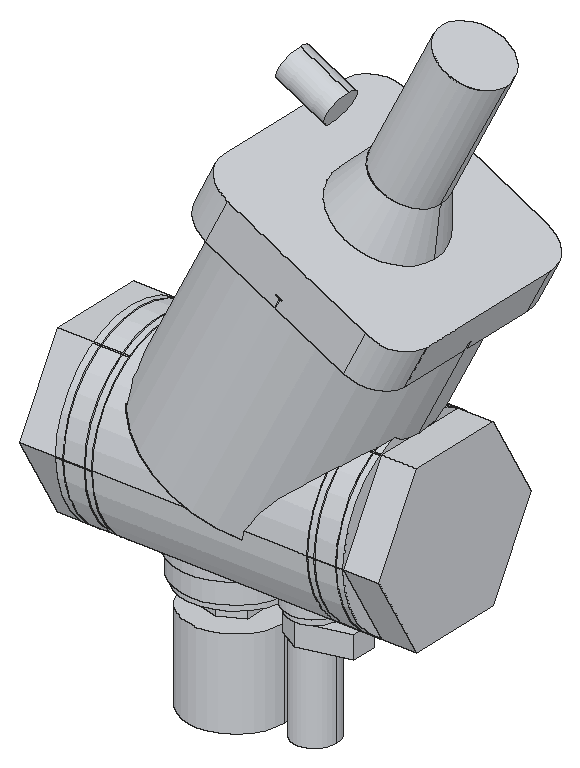
Revit family "PV_Compact_DN025L_ 5-30_FF_měř_RFA_2018", category Pipe Accessories, Revit 2018
Family settings
  Round Connector Dimension = Use Diameter
  Part Type = Valve - Breaks Into
  Work Plane-Based = No
  Always vertical = Yes
  Cut with Voids When Loaded = No
  Shared = No
Parameters (values of type "PV Compact DN25L FF s měřením (  5-30kPa)")
  magiProductId = "5f34f6c18cbb44599cc4b76a533b7b"
  magiProductFamilyId = "17221e4467384e4990f0bd3f9c07cb"
  magiPartTypeId = 304
  isMeasuringValve [instance] = no
  ang2D [instance] = 0.00°
  Z7 = 15 mm
  Z6 = 40.2 mm
  Z5 = 93.8 mm
  Z4 = 80.4 mm
  Z3 = 13.4 mm
  Z2 = 67 mm
  XR3 = 42.5 mm
  XR2 = 37.5 mm
  XR1 = 25.5 mm
  W2D = 15 mm
  VersionID = "2.0/2018.12.13.2/FRESE_PV_COMPACT_PLUG_Q13_001"
  Use Minimum Symbol Size [instance] = no
  URL = "www.hydronix.cz"
  Type Comments = "závitový s vnitřním závitem; dvěma měřicími vsuvkami; PN25; dpmax=450kPa; -10~+120°C;"
  R5 = 5 mm
  R4 = 15 mm
  R3 = 10 mm
  R2 = 26.5 mm
  R1 = 31.5 mm
  QmdConnectorList = "301;D;302;D"
  Productdata [instance] = ""
  PH__ve = -PH  # -17.6 mm
  PH = 17.6 mm
  NL__ve = -NL  # -20 mm
  NL = 20 mm
  Manufacturer = "Hydronix"
  MC Use Limits From Balancing Method = no
  MC Throttling Minimum Value = 0
  MC Throttling Maximum Value = 0
  MC Product Code = "53-3210 DN25L; FF; nastavitelný rozsah dp=5~30kPa; Q=600~2500l/h;  kvs=8,7"
  MC Pressure Drop Minimum Value = 0.0 Pa
  MC Pressure Drop Maximum Value = 0.0 Pa
  MC Piping Given Pressure Drop [instance] = 0.0 Pa
  M5 = 40 mm
  M4 = 38 mm
  M3 = 32 mm
  M2 = 30 mm
  LP = 50 mm
  LM = 60 mm
  LL__ve = -LL  # -6.3 mm
  LLT__ve = -LLT  # -19.1 mm
  LLT = 19.1 mm
  LL2 = 38 mm
  LL = 6.3 mm
  L3 = 11 mm
  L2D_Min = 30.48 mm
  L2D = 65 mm
  Description = "Nastavitelný regulátor tlakové diference"
  DR1 = no
  DR0 = yes
  DL2 = 66 mm
  D = 25 mm
  CenSd_R2_6 = R2 * cos(30.00°)  # 22.95 mm
  CAT0 = yes
  C0D1 = no
  C0D0 = yes
Types (10, lengths in mm): name | magiProductId | Z6 | Z5 | Z4 | Z3 | Z2 | XR3 | XR2 | XR1 | R2 | R1 | PH__ve | PH | NL__ve | NL | MC Product Code | M5 | M4 | M3 | M2 | LP | LM | LL__ve | LLT__ve | LLT | LL2 | LL | L3 | D | CenSd_R2_6
  PV Compact DN15 FF s měřením ( 20-60kPa) | "92c6061b2d364c498536f200ceae3f" | 24.6 | 57.4 | 49.2 | 8.2 | 41 | 30 | 25 | 13 | 14 | 19 | -22.4 | 22.4 | -15 | 15 | "53-3205 DN15; FF; nastavitelný rozsah dp=20~60kPa; Q=100~1000l/h;  kvs=2,9" | 32.5 | 30.5 | 24.5 | 22.5 | 37.5 | 45 | -5.7 | -14.9 | 14.9 | 32 | 5.7 | 11 | 15 | 12.124
  PV Compact DN15 FF s měřením (  5-30kPa) | "f361d342a5c3496a8b127ae77303d4" | 24.6 | 57.4 | 49.2 | 8.2 | 41 | 30 | 25 | 13 | 14 | 19 | -22.4 | 22.4 | -15 | 15 | "53-3204 DN15; FF; nastavitelný rozsah dp=5~30kPa; Q=50~600l/h;  kvs=2,9" | 32.5 | 30.5 | 24.5 | 22.5 | 37.5 | 45 | -5.7 | -14.9 | 14.9 | 32 | 5.7 | 11 | 15 | 12.124
  PV Compact DN20 FF s měřením ( 20-60kPa) | "9f7cac6a20a942348ba3edadb25c10" | 24.6 | 57.4 | 49.2 | 8.2 | 41 | 30 | 25 | 13 | 14 | 19 | -22.4 | 22.4 | -15.8 | 15.8 | "53-3207 DN20; FF; nastavitelný rozsah dp=20~60kPa; Q=150~2000l/h;  kvs=3,5" | 33.7 | 31.7 | 25.7 | 23.7 | 39.5 | 47.4 | -5.7 | -14.9 | 14.9 | 32 | 5.7 | 11 | 20 | 12.124
  PV Compact DN20 FF s měřením (  5-30kPa) | "db23a1b537c14a0d8d3ef5b88ba9f3" | 24.6 | 57.4 | 49.2 | 8.2 | 41 | 30 | 25 | 13 | 14 | 19 | -22.4 | 22.4 | -15.8 | 15.8 | "53-3206 DN20; FF; nastavitelný rozsah dp=5~30kPa; Q=100~1000l/h;  kvs=3,5" | 33.7 | 31.7 | 25.7 | 23.7 | 39.5 | 47.4 | -5.7 | -14.9 | 14.9 | 32 | 5.7 | 11 | 20 | 12.124
  PV Compact DN25 FF s měřením (  5-30kPa) | "df9f1d59aa4a4bbbaec25e168ba07d" | 25.5 | 59.5 | 51 | 8.5 | 42.5 | 30 | 25 | 13 | 14 | 19 | -20.8 | 20.8 | -16.6 | 16.6 | "53-3208 DN25; FF; nastavitelný rozsah dp=5~30kPa; Q=600~2100l/h;  kvs=4,0" | 34.9 | 32.9 | 26.9 | 24.9 | 41.5 | 49.8 | -5.9 | -16.3 | 16.3 | 34 | 5.9 | 11 | 25 | 12.124
  PV Compact DN25L FF s měřením ( 20-80kPa) | "87b7cca8bace4074a54840dfb5d8dc" | 40.2 | 93.8 | 80.4 | 13.4 | 67 | 42.5 | 37.5 | 25.5 | 26.5 | 31.5 | -17.6 | 17.6 | -20 | 20 | "53-3211 DN25L; FF; nastavitelný rozsah dp=20~80kPa; Q=750~4200l/h;  kvs=8,7" | 40 | 38 | 32 | 30 | 50 | 60 | -6.3 | -19.1 | 19.1 | 38 | 6.3 | 11 | 25 | 22.95
  PV Compact DN25L FF s měřením (  5-30kPa) | "5f34f6c18cbb44599cc4b76a533b7b" | 40.2 | 93.8 | 80.4 | 13.4 | 67 | 42.5 | 37.5 | 25.5 | 26.5 | 31.5 | -17.6 | 17.6 | -20 | 20 | "53-3210 DN25L; FF; nastavitelný rozsah dp=5~30kPa; Q=600~2500l/h;  kvs=8,7" | 40 | 38 | 32 | 30 | 50 | 60 | -6.3 | -19.1 | 19.1 | 38 | 6.3 | 11 | 25 | 22.95
  PV Compact DN32 FF s měřením ( 20-80kPa) | "4a8a1c2c3ced401aa76adec660b182" | 40.2 | 93.8 | 80.4 | 13.4 | 67 | 42.5 | 37.5 | 25.5 | 26.5 | 31.5 | -13.6 | 13.6 | -20.8 | 20.8 | "53-3214 DN32; FF; nastavitelný rozsah dp=20~80kPa; Q=1000~5000l/h;  kvs=10,1" | 41.2 | 39.2 | 33.2 | 31.2 | 52 | 62.4 | -6.8 | -22.6 | 22.6 | 43 | 6.8 | 25 | 32 | 22.95
  PV Compact DN40 FF s měřením ( 20-80kPa) | "8dd334465d8f48dd802c3dab6bec5b" | 46.8 | 109.2 | 93.6 | 15.6 | 78 | 42.5 | 37.5 | 25.5 | 26.5 | 31.5 | -11.2 | 11.2 | -27.6 | 27.6 | "53-3216 DN40; FF; nastavitelný rozsah dp=20~80kPa; Q=3000~8000l/h;  kvs=15,8" | 51.4 | 49.4 | 43.4 | 41.4 | 69 | 82.8 | -7.1 | -24.7 | 24.7 | 46 | 7.1 | 25 | 40 | 22.95
  PV Compact DN50 FF s měřením ( 20-80kPa) | "de24153ded7e41748f92358b184bd6" | 46.8 | 109.2 | 93.6 | 15.6 | 78 | 42.5 | 37.5 | 25.5 | 35.25 | 31.5 | -6.4 | 6.4 | -27.6 | 27.6 | "53-3218 DN50; FF; nastavitelný rozsah dp=20~80kPa; Q=5000~11500l/h;  kvs=16,2" | 51.4 | 49.4 | 43.4 | 41.4 | 69 | 82.8 | -7.7 | -28.9 | 28.9 | 52 | 7.7 | 25 | 50 | 30.527
Reference planes
  plane 1 "Center (Front/Back)": y = 0
  plane 2 "XYPLANE": z = 0
  plane 3 "Center (Left/Right)": x = 0
  plane 4 "408": x = 50
  plane 5 "407": x = -50
  plane 6 "402": z = -66
  plane 7 "213": x = 11
  plane 8 "168": z = -15.1
  plane 9 "167": z = -17.1
  plane 10 "166": z = -23.4
  plane 11 "165": z = -29.7
  plane 12 "164": z = -31.7
  plane 13 "154": z = 0
  plane 14 "152": y = 0
  plane 15 "151": z = -38
  plane 16 "150": x = -11
  plane 17 "75": through (307.08, 0, 685.28) normal (0.891, 0, -0.454)
  plane 18 "74": x = 40
  plane 19 "73": x = 38
  plane 20 "72": x = 32
  plane 21 "71": x = 30
  plane 22 "70": x = -40
  plane 23 "69": x = -38
  plane 24 "68": x = -32
  plane 25 "67": y = 0
  plane 26 "66": through (-666.893, 0, 343.166) normal (0.454, 0, 0.891)
  plane 27 "65": x = -30
  plane 28 "64": through (335.147, 0, 670.979) normal (0.891, 0, -0.454)
  plane 29 "63": through (-637.838, 0, 400.19) normal (0.454, 0, 0.891)
  plane 30 "62": through (363.214, 0, 656.678) normal (0.891, 0, -0.454)
  plane 31 "61": y = 31.5
  plane 32 "60": y = -31.5
  plane 33 "59": through (-631.754, 0, 412.13) normal (0.454, 0, 0.891)
  plane 34 "58": through (-625.671, 0, 424.069) normal (0.454, 0, 0.891)
  plane 35 "57": through (302.625, 0, 687.549) normal (0.891, 0, -0.454)
  plane 36 "56": x = 0
  plane 37 "55": through (-668.255, 0, 340.493) normal (0.454, 0, 0.891)
  plane 38 "102XY": through (-668.255, 0, 340.493) normal (0.454, 0, 0.891)
  plane 39 "102XZ": y = 0
  plane 40 "102YZ": through (340.493, 0, 668.255) normal (0.891, 0, -0.454)
Forms (mm)
  Extrusion 1, solid
    sketch origin (50, -750, 0) x (0, 1, 0) y (0, 0, 1)
      loop
        line (776.5, 0) -> (763.25, 22.95) -> (736.75, 22.95) -> (723.5, 0) -> (736.75, -22.95) -> (763.25, -22.95) -> (776.5, 0)
    from 0 to -20 <- "NL__ve"
  Extrusion 2, solid
    sketch origin (-50, -750, 0) x (0, 1, 0) y (0, 0, 1)
      loop
        line (723.5, 0) -> (736.75, -22.95) -> (763.25, -22.95) -> (776.5, 0) -> (763.25, 22.95) -> (736.75, 22.95) -> (723.5, 0)
    from 0 to 20 <- "NL"
  Extrusion 3, solid, visible <- "C0D1"
    sketch origin (-750, 0, -66) x (1, 0, 0) y (0, 1, 0)
      loop
        circle (761, 0) r 10
    from 0 to 50
  Extrusion 4, solid, visible <- "DR1"
    sketch origin (-750, 0, -23.4) x (1, 0, 0) y (0, 1, 0)
      loop
        line (761, -24.5) -> (778.892, -6) -> (778.892, 6) -> (761, 24.5) -> (750.608, 6) -> (750.608, -6) -> (761, -24.5)
    from 0 to -17.6 <- "PH__ve"
  Extrusion 5, solid, visible <- "DR1"
    sketch origin (-750, 0, -23.4) x (1, 0, 0) y (0, 1, 0)
      loop
        circle (761, 0) r 10
    from 0 to 6.3 <- "LL"
  Blend 6, solid, visible <- "DR1"
    base sketch origin (-750, 0, -15.1) x (1, 0, 0) y (0, 1, 0)
      loop
        circle (761, 0) r 7.5
    top sketch origin (-750, 0, -15.1) x (1, 0, 0) y (0, 1, 0)
      loop
        circle (761, 0) r 10
    from 0 to -2
  Extrusion 7, solid, visible <- "DR1"
    sketch origin (-750, 0, 0) x (1, 0, 0) y (0, 1, 0)
      loop
        circle (761, 0) r 7.5
    from 0 to -19.1 <- "LLT__ve"
  Extrusion 8, solid, visible <- "C0D0"
    sketch origin (-750, 0, -38) x (1, 0, 0) y (0, 1, 0)
      loop
        circle (761, 0) r 6
    from 0 to -25
  Extrusion 9, solid, visible <- "DR0"
    sketch origin (-750, 0, -31.7) x (1, 0, 0) y (0, 1, 0)
      loop
        line (761, -7) -> (774.562, -3.5) -> (774.562, 3.5) -> (761, 7) -> (754.938, 3.5) -> (754.938, -3.5) -> (761, -7)
    from 0 to -6.3 <- "LL__ve"
  Extrusion 10, solid, visible <- "DR0"
    sketch origin (-750, 0, -31.7) x (1, 0, 0) y (0, 1, 0)
      loop
        circle (761, 0) r 7
    from 0 to 2
  Extrusion 11, solid, visible <- "DR0"
    sketch origin (-750, 0, -23.4) x (1, 0, 0) y (0, 1, 0)
      loop
        circle (761, 0) r 9
    from 0 to 6.3 <- "LL"
  Blend 12, solid, visible <- "DR0"
    base sketch origin (-750, 0, -15.1) x (1, 0, 0) y (0, 1, 0)
      loop
        circle (761, 0) r 6.5
    top sketch origin (-750, 0, -15.1) x (1, 0, 0) y (0, 1, 0)
      loop
        circle (761, 0) r 9
    from 0 to -2
  Extrusion 13, solid, visible <- "DR0"
    sketch origin (-750, 0, 0) x (1, 0, 0) y (0, 1, 0)
      loop
        circle (761, 0) r 6.5
    from 0 to -19.1 <- "LLT__ve"
  Extrusion 14, solid, visible <- "DR0"
    sketch origin (-750, 0, 0) x (1, 0, 0) y (0, 1, 0)
      loop
        circle (761, 0) r 6.5
    from 0 to -19.1 <- "LLT__ve"
  Blend 15, solid, visible <- "DR0"
    base sketch origin (-750, 0, -15.1) x (1, 0, 0) y (0, 1, 0)
      loop
        circle (761, 0) r 6.5
    top sketch origin (-750, 0, -15.1) x (1, 0, 0) y (0, 1, 0)
      loop
        circle (761, 0) r 9
    from 0 to -2
  Extrusion 16, solid, visible <- "DR0"
    sketch origin (-750, 0, -23.4) x (1, 0, 0) y (0, 1, 0)
      loop
        circle (761, 0) r 9
    from 0 to 6.3 <- "LL"
  Extrusion 17, solid, visible <- "DR0"
    sketch origin (-750, 0, -29.7) x (1, 0, 0) y (0, 1, 0)
      loop
        circle (761, 0) r 8
    from 0 to 6.3 <- "LL"
  Extrusion 18, solid, visible <- "DR0"
    sketch origin (-750, 0, -31.7) x (1, 0, 0) y (0, 1, 0)
      loop
        circle (761, 0) r 7
    from 0 to 2
  Extrusion 19, solid, visible <- "DR0"
    sketch origin (-750, 0, -31.7) x (1, 0, 0) y (0, 1, 0)
      loop
        line (761, -7) -> (774.562, -3.5) -> (774.562, 3.5) -> (761, 7) -> (754.938, 3.5) -> (754.938, -3.5) -> (761, -7)
    from 0 to -6.3 <- "LL__ve"
  Extrusion 20, solid, visible <- "C0D0"
    sketch origin (-750, 0, -38) x (1, 0, 0) y (0, 1, 0)
      loop
        circle (761, 0) r 6
    from 0 to -25
  Extrusion 21, solid, visible <- "CAT0"
    sketch origin (-750, 0, -38) x (1, 0, 0) y (0, 1, 0)
      loop
        circle (739, 0) r 13.5
    from 0 to -25
  Extrusion 22, solid
    sketch origin (-750, 0, -31.7) x (1, 0, 0) y (0, 1, 0)
      loop
        line (739, -7) -> (745.062, -3.5) -> (745.062, 3.5) -> (739, 7) -> (725.438, 3.5) -> (725.438, -3.5) -> (739, -7)
    from 0 to -6.3 <- "LL__ve"
  Extrusion 23, solid
    sketch origin (-750, 0, -31.7) x (1, 0, 0) y (0, 1, 0)
      loop
        circle (739, 0) r 14.5
    from 0 to 2
  Extrusion 24, solid
    sketch origin (-750, 0, -29.7) x (1, 0, 0) y (0, 1, 0)
      loop
        circle (739, 0) r 15.5
    from 0 to 6.3 <- "LL"
  Extrusion 25, solid
    sketch origin (-750, 0, -23.4) x (1, 0, 0) y (0, 1, 0)
      loop
        circle (739, 0) r 16.5
    from 0 to 6.3 <- "LL"
  Blend 26, solid
    base sketch origin (-750, 0, -15.1) x (1, 0, 0) y (0, 1, 0)
      loop
        circle (739, 0) r 14
    top sketch origin (-750, 0, -15.1) x (1, 0, 0) y (0, 1, 0)
      loop
        circle (739, 0) r 16.5
    from 0 to -2
  Extrusion 27, solid
    sketch origin (-750, 0, 0) x (1, 0, 0) y (0, 1, 0)
      loop
        circle (739, 0) r 14
    from 0 to -19.1 <- "LLT__ve"
  Blend 28, solid, visible <- "CAT0"
    base sketch origin (38, -750, 0) x (0, 1, 0) y (0, 0, 1)
      loop
        circle (750, 0) r 26.5
    top sketch origin (38, -750, 0) x (0, 1, 0) y (0, 0, 1)
      loop
        circle (750, 0) r 26.5
    from 0 to 2
  Extrusion 29, solid, visible <- "CAT0"
    sketch origin (32, -750, 0) x (0, 1, 0) y (0, 0, 1)
      loop
        circle (750, 0) r 26.5
    from 0 to 6
  Blend 30, solid, visible <- "CAT0"
    base sketch origin (30, -750, 0) x (0, 1, 0) y (0, 0, 1)
      loop
        circle (750, 0) r 26.5
    top sketch origin (30, -750, 0) x (0, 1, 0) y (0, 0, 1)
      loop
        circle (750, 0) r 26.5
    from 0 to 2
  Blend 31, solid, visible <- "CAT0"
    base sketch origin (-38, -750, 0) x (0, 1, 0) y (0, 0, 1)
      loop
        circle (750, 0) r 26.5
    top sketch origin (-38, -750, 0) x (0, 1, 0) y (0, 0, 1)
      loop
        circle (750, 0) r 26.5
    from 0 to -2
  Extrusion 32, solid, visible <- "CAT0"
    sketch origin (-38, -750, 0) x (0, 1, 0) y (0, 0, 1)
      loop
        circle (750, 0) r 26.5
    from 0 to 6
  Blend 33, solid, visible <- "CAT0"
    base sketch origin (-32, -750, 0) x (0, 1, 0) y (0, 0, 1)
      loop
        circle (750, 0) r 26.5
    top sketch origin (-32, -750, 0) x (0, 1, 0) y (0, 0, 1)
      loop
        circle (750, 0) r 26.5
    from 0 to 2
  Extrusion 34, solid, visible <- "CAT0"
    sketch origin (-30, -750, 0) x (0, 1, 0) y (0, 0, 1)
      loop
        circle (750, 0) r 26.5
    from 0 to 60 <- "LM"
  Extrusion 35, solid, visible <- "CAT0"
    sketch origin (-666.893, 0, 343.166) x (0.891007, 0, -0.45399) y (0, 1, 0)
      loop
        circle (744, 0) r 31.5
    from 0 to 67 <- "Z2"
  Extrusion 36, solid, visible <- "CAT0"
    sketch origin (-637.838, 0, 400.19) x (0.891007, 0, -0.45399) y (0, 1, 0)
      loop
        arc (722.5, 31.5) -> (715.429, 28.571) -> (712.5, 21.5) r 10
        line (712.5, 21.5) -> (712.5, -21.5)
        arc (712.5, -21.5) -> (715.429, -28.571) -> (722.5, -31.5) r 10
        line (722.5, -31.5) -> (765.5, -31.5)
        arc (765.5, -31.5) -> (772.571, -28.571) -> (775.5, -21.5) r 10
        line (775.5, -21.5) -> (775.5, 21.5)
        arc (775.5, 21.5) -> (772.571, 28.571) -> (765.5, 31.5) r 10
        line (765.5, 31.5) -> (722.5, 31.5)
    from 0 to 13.4 <- "Z3"
  Blend 37, solid, visible <- "CAT0"
    base sketch origin (-631.754, 0, 412.13) x (0.891007, 0, -0.45399) y (0, 1, 0)
      loop
        circle (744, 0) r 15
    top sketch origin (-631.754, 0, 412.13) x (0.891007, 0, -0.45399) y (0, 1, 0)
      loop
        circle (744, 0) r 10
    from 0 to 13.4
  Extrusion 38, solid, visible <- "CAT0"
    sketch origin (-625.671, 0, 424.069) x (0.891007, 0, -0.45399) y (0, 1, 0)
      loop
        circle (744, 0) r 10
    from 0 to 40.2 <- "Z6"
  Extrusion 39, solid, visible <- "CAT0"
    sketch origin (302.625, 0, 687.549) x (-0.45399, 0, -0.891007) y (0, 1, 0)
      loop
        circle (656.2, 0) r 5
    from 0 to 15 <- "Z7"
  Blend 40, solid, visible <- "CAT0"
    base sketch origin (-668.255, 0, 340.493) x (0.891007, 0, -0.45399) y (0, 1, 0)
      loop
        circle (744, 0) r 27.5
    top sketch origin (-668.255, 0, 340.493) x (0.891007, 0, -0.45399) y (0, 1, 0)
      loop
        circle (744, 0) r 31.5
    from 0 to 3
  Extrusion 41, solid, not visible
    sketch origin (-40, -750, 0) x (0, 1, 0) y (0, 0, 1)
      loop
        circle (750, 0) r 22.5
    from 0 to 10
  Extrusion 42, solid, not visible
    sketch origin (40, -750, 0) x (0, 1, 0) y (0, 0, 1)
      loop
        circle (750, 0) r 22.5
    from 0 to -10
Lines and regions (mm)
  reference lines, not visible
    curve 1: circle (2, 2, 0) r 1 normal (0, 0, 1)
  reference lines
    curve 2: line (50, 0, 0) -> (50, -3.5, 6.062)
    curve 3: line (50, 0, 0) -> (50, -7, 0)
    curve 4: line (50, 0, 0) -> (50, -3.5, -6.062)
    curve 5: line (-50, 0, 0) -> (-50, 3.5, 6.062)
    curve 6: line (-50, 0, 0) -> (-50, 7, 0)
    curve 7: line (-50, 0, 0) -> (-50, 3.5, -6.062)
Dimensions and locks
  plane 1 "Center (Front/Back)" to curve 1 = 2 mm
  "LP": plane 36 "56" to plane 4 "408"
  "LP": plane 36 "56" to plane 5 "407"
  "DL2": plane 2 "XYPLANE" to plane 6 "402"
  "L3": plane 3 "Center (Left/Right)" to plane 7 "213"
  locked: plane 9 "167" to plane 8 "168" at 2
  "LL": plane 10 "166" to plane 9 "167"
  "LL": plane 11 "165" to plane 10 "166"
  locked: plane 12 "164" to plane 11 "165" at 2
  "LL": plane 15 "151" to plane 12 "164"
  locked: plane 2 "XYPLANE" to plane 13 "154"
  locked: plane 1 "Center (Front/Back)" to plane 14 "152"
  "LL2": plane 2 "XYPLANE" to plane 15 "151"
  "L3": plane 3 "Center (Left/Right)" to plane 16 "150"
  "XR2": plane 40 "102YZ" to plane 17 "75"
  "M5": plane 3 "Center (Left/Right)" to plane 18 "74"
  "M4": plane 3 "Center (Left/Right)" to plane 19 "73"
  "M3": plane 3 "Center (Left/Right)" to plane 20 "72"
  "M2": plane 3 "Center (Left/Right)" to plane 21 "71"
  "M5": plane 3 "Center (Left/Right)" to plane 22 "70"
  "M4": plane 3 "Center (Left/Right)" to plane 23 "69"
  "M3": plane 3 "Center (Left/Right)" to plane 24 "68"
  locked: plane 14 "152" to plane 25 "67"
  locked: plane 38 "102XY" to plane 26 "66" at 3
  "M2": plane 3 "Center (Left/Right)" to plane 27 "65"
  locked: plane 40 "102YZ" to plane 28 "64" at 6
  "Z2": plane 38 "102XY" to plane 29 "63"
  "XR1": plane 40 "102YZ" to plane 30 "62"
  "R1": plane 14 "152" to plane 31 "61"
  "R1": plane 14 "152" to plane 32 "60"
  "Z4": plane 38 "102XY" to plane 33 "59"
  "Z5": plane 38 "102XY" to plane 34 "58"
  "XR3": plane 40 "102YZ" to plane 35 "57"
  locked: plane 3 "Center (Left/Right)" to plane 36 "56"
  locked: plane 38 "102XY" to plane 37 "55"
  "CenSd_R2_6": curve 2 to Extrusion 1 sketch curve  (x2)
  "CenSd_R2_6": curve 3 to Extrusion 1 sketch curve  (x2)
  "CenSd_R2_6": curve 4 to Extrusion 1 sketch curve  (x2)
  Extrusion 1 sketch curve to Extrusion 1 sketch curve = 0 mm  (x12)
  "CenSd_R2_6": curve 5 to Extrusion 2 sketch curve  (x2)
  "CenSd_R2_6": curve 6 to Extrusion 2 sketch curve  (x2)
  "CenSd_R2_6": curve 7 to Extrusion 2 sketch curve  (x2)
  Extrusion 2 sketch curve to Extrusion 2 sketch curve = 0 mm  (x12)
  Extrusion 4 sketch curve to Extrusion 4 sketch curve = 0 mm  (x12)
  Extrusion 9 sketch curve to Extrusion 9 sketch curve = 0 mm  (x12)
  Extrusion 19 sketch curve to Extrusion 19 sketch curve = 0 mm  (x12)
  Extrusion 22 sketch curve to Extrusion 22 sketch curve = 0 mm  (x12)
  Extrusion 36 sketch curve to Extrusion 36 sketch curve = 0 mm  (x16)
  "R2": radius of Blend 28 sketch curve  (x2)
  "R2": radius of Extrusion 29 sketch curve
  "R2": radius of Blend 30 sketch curve  (x2)
  "R2": radius of Blend 31 sketch curve  (x2)
  "R2": radius of Extrusion 32 sketch curve
  "R2": radius of Blend 33 sketch curve  (x2)
  "R2": radius of Extrusion 34 sketch curve
  "R1": radius of Extrusion 35 sketch curve
  radius of Extrusion 36 sketch curve = 10 mm  (x4)
  "R3": radius of Blend 37 sketch curve
  "R4": radius of Blend 37 sketch curve
  "R3": radius of Extrusion 38 sketch curve
  "R5": radius of Extrusion 39 sketch curve
  "R1": radius of Blend 40 sketch curve
  locked: curve 3 to curve 2 (angle 60.00°)
  locked: curve 4 to curve 3 (angle 60.00°)
  locked: curve 4 to curve 2 (angle 120.00°)
  locked: curve 6 to curve 5 (angle 60.00°)
  locked: curve 7 to curve 6 (angle 60.00°)
  locked: curve 7 to curve 5 (angle 120.00°)
  aligned and locked: level to plane 2 "XYPLANE"
  aligned and locked: plane 13 "154" to curve 4
  aligned and locked: curve 4 to plane 14 "152"
  aligned and locked: plane 13 "154" to curve 7
  aligned and locked: curve 7 to plane 14 "152"
  aligned and locked: plane 7 "213" to Extrusion 3 sketch curve
  aligned and locked: plane 14 "152" to Extrusion 3 sketch curve
  aligned and locked: plane 7 "213" to Extrusion 5 sketch curve
  aligned and locked: plane 14 "152" to Extrusion 5 sketch curve
  aligned and locked: plane 7 "213" to Blend 6 sketch curve  (x2)
  aligned and locked: plane 14 "152" to Blend 6 sketch curve  (x2)
  aligned and locked: Blend 6 to plane 9 "167"
  aligned and locked: plane 7 "213" to Extrusion 7 sketch curve
  aligned and locked: plane 14 "152" to Extrusion 7 sketch curve
  aligned and locked: plane 7 "213" to Extrusion 8 sketch curve
  aligned and locked: plane 14 "152" to Extrusion 8 sketch curve
  aligned and locked: plane 7 "213" to Extrusion 10 sketch curve
  aligned and locked: plane 14 "152" to Extrusion 10 sketch curve
  aligned and locked: plane 7 "213" to Extrusion 11 sketch curve
  aligned and locked: plane 14 "152" to Extrusion 11 sketch curve
  aligned and locked: plane 7 "213" to Blend 12 sketch curve  (x2)
  aligned and locked: plane 14 "152" to Blend 12 sketch curve  (x2)
  aligned and locked: Blend 12 to plane 9 "167"
  aligned and locked: plane 7 "213" to Extrusion 13 sketch curve
  aligned and locked: plane 14 "152" to Extrusion 13 sketch curve
  aligned and locked: plane 7 "213" to Extrusion 14 sketch curve
  aligned and locked: plane 14 "152" to Extrusion 14 sketch curve
  aligned and locked: plane 7 "213" to Blend 15 sketch curve  (x2)
  aligned and locked: plane 14 "152" to Blend 15 sketch curve  (x2)
  aligned and locked: Blend 15 to plane 9 "167"
  aligned and locked: plane 7 "213" to Extrusion 16 sketch curve
  aligned and locked: plane 14 "152" to Extrusion 16 sketch curve
  aligned and locked: plane 7 "213" to Extrusion 17 sketch curve
  aligned and locked: plane 14 "152" to Extrusion 17 sketch curve
  aligned and locked: plane 7 "213" to Extrusion 18 sketch curve
  aligned and locked: plane 14 "152" to Extrusion 18 sketch curve
  aligned and locked: plane 7 "213" to Extrusion 20 sketch curve
  aligned and locked: plane 14 "152" to Extrusion 20 sketch curve
  aligned and locked: plane 14 "152" to Extrusion 21 sketch curve
  aligned and locked: plane 16 "150" to Extrusion 21 sketch curve
  aligned and locked: plane 14 "152" to Extrusion 23 sketch curve
  aligned and locked: plane 16 "150" to Extrusion 23 sketch curve
  aligned and locked: plane 14 "152" to Extrusion 24 sketch curve
  aligned and locked: plane 16 "150" to Extrusion 24 sketch curve
  aligned and locked: plane 14 "152" to Extrusion 25 sketch curve
  aligned and locked: plane 16 "150" to Extrusion 25 sketch curve
  aligned and locked: plane 14 "152" to Blend 26 sketch curve  (x2)
  aligned and locked: plane 16 "150" to Blend 26 sketch curve  (x2)
  aligned and locked: Blend 26 to plane 9 "167"
  aligned and locked: plane 14 "152" to Extrusion 27 sketch curve
  aligned and locked: plane 16 "150" to Extrusion 27 sketch curve
  aligned and locked: plane 13 "154" to Blend 28 sketch curve  (x2)
  aligned and locked: Blend 28 sketch curve to plane 14 "152"  (x2)
  aligned and locked: plane 18 "74" to Blend 28
  aligned and locked: plane 13 "154" to Extrusion 29 sketch curve
  aligned and locked: Extrusion 29 sketch curve to plane 14 "152"
  aligned and locked: plane 13 "154" to Blend 30 sketch curve  (x2)
  aligned and locked: Blend 30 sketch curve to plane 14 "152"  (x2)
  aligned and locked: plane 20 "72" to Blend 30
  aligned and locked: plane 13 "154" to Blend 31 sketch curve  (x2)
  aligned and locked: Blend 31 sketch curve to plane 14 "152"  (x2)
  aligned and locked: Blend 31 to plane 22 "70"
  aligned and locked: plane 13 "154" to Extrusion 32 sketch curve
  aligned and locked: Extrusion 32 sketch curve to plane 14 "152"
  aligned and locked: plane 13 "154" to Blend 33 sketch curve  (x2)
  aligned and locked: Blend 33 sketch curve to plane 14 "152"  (x2)
  aligned and locked: plane 27 "65" to Blend 33
  aligned and locked: plane 13 "154" to Extrusion 34 sketch curve
  aligned and locked: Extrusion 34 sketch curve to plane 14 "152"
  aligned and locked: plane 25 "67" to Extrusion 35 sketch curve
  aligned and locked: Extrusion 35 sketch curve to plane 28 "64"
  aligned and locked: Extrusion 36 sketch curve to plane 17 "75"
  aligned and locked: Extrusion 36 sketch curve to plane 32 "60"
  aligned and locked: Extrusion 36 sketch curve to plane 30 "62"
  aligned and locked: plane 31 "61" to Extrusion 36 sketch curve
  aligned and locked: plane 25 "67" to Blend 37 sketch curve  (x2)
  aligned and locked: Blend 37 sketch curve to plane 28 "64"  (x2)
  aligned and locked: plane 34 "58" to Blend 37
  aligned and locked: plane 25 "67" to Extrusion 38 sketch curve
  aligned and locked: Extrusion 38 sketch curve to plane 28 "64"
  aligned and locked: plane 25 "67" to Extrusion 39 sketch curve
  aligned and locked: plane 34 "58" to Extrusion 39 sketch curve
  aligned and locked: plane 25 "67" to Blend 40 sketch curve  (x2)
  aligned and locked: Blend 40 sketch curve to plane 28 "64"  (x2)
  aligned and locked: plane 26 "66" to Blend 40
  aligned and locked: plane 13 "154" to Extrusion 41 sketch curve
  aligned and locked: Extrusion 41 sketch curve to plane 14 "152"
  aligned and locked: plane 13 "154" to Extrusion 42 sketch curve
  aligned and locked: Extrusion 42 sketch curve to plane 14 "152"
Automatic sketch dimensions
  plane 3 "Center (Left/Right)" to Extrusion 3 sketch curve = 1 mm
  Extrusion 4 sketch curve to plane 7 "213" = 0 mm  (x2)
  plane 3 "Center (Left/Right)" to Extrusion 4 sketch curve = 0.608 mm
  Extrusion 4 sketch curve to plane 21 "71" = 1.108 mm
  plane 32 "60" to Extrusion 4 sketch curve = 7 mm
  plane 1 "Center (Front/Back)" to Extrusion 4 sketch curve = 6 mm  (x2)
  Extrusion 4 sketch curve to plane 1 "Center (Front/Back)" = 6 mm  (x2)
  Extrusion 4 sketch curve to plane 31 "61" = 7 mm
  plane 3 "Center (Left/Right)" to Extrusion 5 sketch curve = 1 mm
  plane 3 "Center (Left/Right)" to Blend 6 sketch curve = 3.5 mm
  plane 3 "Center (Left/Right)" to Blend 6 sketch curve = 1 mm
  plane 3 "Center (Left/Right)" to Extrusion 7 sketch curve = 3.5 mm
  plane 3 "Center (Left/Right)" to Extrusion 8 sketch curve = 5 mm
  Extrusion 9 sketch curve to plane 7 "213" = 0 mm  (x2)
  plane 3 "Center (Left/Right)" to Extrusion 9 sketch curve = 4.938 mm
  Extrusion 9 sketch curve to plane 21 "71" = 5.438 mm
  plane 1 "Center (Front/Back)" to Extrusion 9 sketch curve = 7 mm
  plane 1 "Center (Front/Back)" to Extrusion 9 sketch curve = 3.5 mm  (x2)
  Extrusion 9 sketch curve to plane 1 "Center (Front/Back)" = 3.5 mm  (x2)
  Extrusion 9 sketch curve to Extrusion 9 sketch curve = 3.5 mm
  plane 3 "Center (Left/Right)" to Extrusion 10 sketch curve = 4 mm
  plane 3 "Center (Left/Right)" to Extrusion 11 sketch curve = 2 mm
  plane 3 "Center (Left/Right)" to Blend 12 sketch curve = 4.5 mm
  plane 3 "Center (Left/Right)" to Blend 12 sketch curve = 2 mm
  plane 3 "Center (Left/Right)" to Extrusion 13 sketch curve = 4.5 mm
  plane 3 "Center (Left/Right)" to Extrusion 14 sketch curve = 4.5 mm
  plane 3 "Center (Left/Right)" to Blend 15 sketch curve = 4.5 mm
  plane 3 "Center (Left/Right)" to Blend 15 sketch curve = 2 mm
  plane 3 "Center (Left/Right)" to Extrusion 16 sketch curve = 2 mm
  plane 3 "Center (Left/Right)" to Extrusion 17 sketch curve = 3 mm
  plane 3 "Center (Left/Right)" to Extrusion 18 sketch curve = 4 mm
  Extrusion 19 sketch curve to plane 7 "213" = 0 mm  (x2)
  plane 3 "Center (Left/Right)" to Extrusion 19 sketch curve = 4.938 mm
  Extrusion 19 sketch curve to plane 21 "71" = 5.438 mm
  plane 1 "Center (Front/Back)" to Extrusion 19 sketch curve = 7 mm
  plane 1 "Center (Front/Back)" to Extrusion 19 sketch curve = 3.5 mm  (x2)
  Extrusion 19 sketch curve to plane 1 "Center (Front/Back)" = 3.5 mm  (x2)
  Extrusion 19 sketch curve to Extrusion 19 sketch curve = 3.5 mm
  plane 3 "Center (Left/Right)" to Extrusion 20 sketch curve = 5 mm
  plane 27 "65" to Extrusion 21 sketch curve = 5.5 mm
  Extrusion 22 sketch curve to plane 16 "150" = 0 mm  (x2)
  plane 27 "65" to Extrusion 22 sketch curve = 5.438 mm
  Extrusion 22 sketch curve to plane 3 "Center (Left/Right)" = 4.938 mm
  plane 1 "Center (Front/Back)" to Extrusion 22 sketch curve = 7 mm
  plane 1 "Center (Front/Back)" to Extrusion 22 sketch curve = 3.5 mm  (x2)
  Extrusion 22 sketch curve to plane 1 "Center (Front/Back)" = 3.5 mm  (x2)
  Extrusion 22 sketch curve to Extrusion 22 sketch curve = 3.5 mm
  plane 27 "65" to Extrusion 23 sketch curve = 4.5 mm
  plane 27 "65" to Extrusion 24 sketch curve = 3.5 mm
  plane 27 "65" to Extrusion 25 sketch curve = 2.5 mm
  plane 27 "65" to Blend 26 sketch curve = 5 mm
  plane 27 "65" to Blend 26 sketch curve = 2.5 mm
  plane 27 "65" to Extrusion 27 sketch curve = 5 mm
  plane 17 "75" to Blend 40 sketch curve = 4 mm
  plane 32 "60" to Extrusion 41 sketch curve = 9 mm
  plane 32 "60" to Extrusion 42 sketch curve = 9 mm
  plane 3 "Center (Left/Right)" to curve 1 = 2 mm
  radius of curve 1 = 1 mm
Connectors
  piping at (-40, 0, 0), diameter 25, driven by "D"
    settings: on Extrusion 41, index 1, connector inside diameter 609.6 mm, connector length 0 mm, flow factor 0, pipe flow 0.0 L/s, pressure drop 0.0 Pa, fitting loss kfactor 0, connector angle 0.00°, fixture units 0, engagement length 0 mm, angle of deflection 0.00°, flow configuration 0, flow direction 0, fitting loss method 0, system type 29, joint type 0, gender type 0, connector reference index 2, connector utility 0, adjustable connector no, is connector primary yes, connector description ""
  piping at (40, 0, 0), diameter 25, driven by "D"
    settings: on Extrusion 42, index 2, connector inside diameter 609.6 mm, connector length 0 mm, flow factor 0, pipe flow 0.0 L/s, pressure drop 0.0 Pa, fitting loss kfactor 0, connector angle 0.00°, fixture units 0, engagement length 0 mm, angle of deflection 0.00°, flow configuration 0, flow direction 0, fitting loss method 0, system type 29, joint type 0, gender type 0, connector reference index 1, connector utility 0, adjustable connector no, is connector primary no, connector description ""
